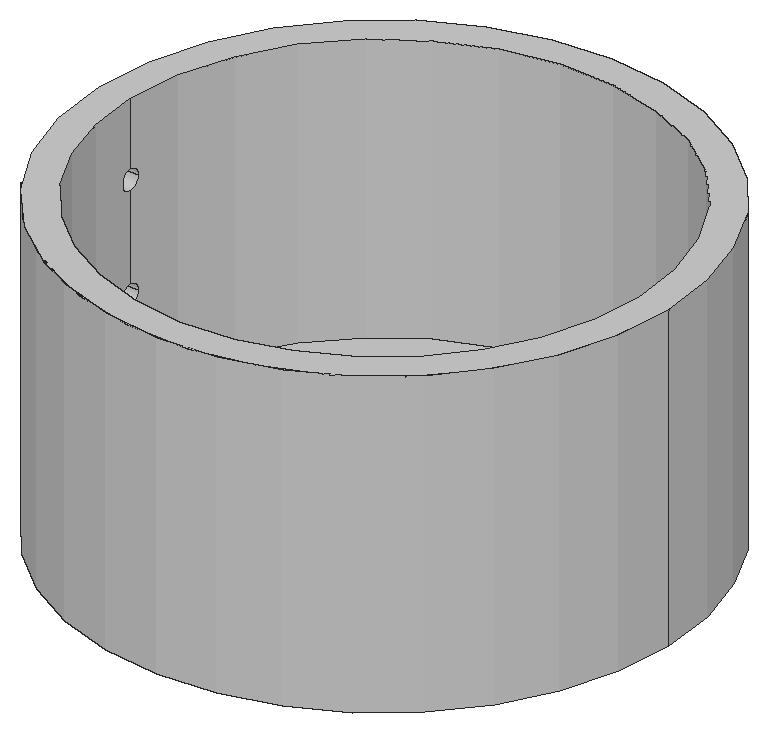
Revit family "KOD 15.9", category Фундамент несущей конструкции, Revit 2025
Family settings
  Материал для поведения модели = Прочее
  Заглушка = Нет
  Номер OmniClass = 23.25.05.00
  Заголовок OmniClass = Foundations
  На основе рабочей плоскости = Нет
  Всегда вертикально = Да
  При загрузке вырезать с полостями = Нет
  Общий = Нет
  Показывать семейство разрезанным на планах = Да
Parameters
  Петля = Петля_П1_П2 : П2
Reference planes
  plane 1 "По центру (Вперед/Назад)": y = -35
  plane 2: z = 0
  plane 3 "По центру (Влево/Вправо)": x = 0
  plane 4: z = 890
  plane 5: x = -840
  plane 6: x = -750
  plane 7: x = 750
  plane 8: x = 840
  plane 9: z = 150
  plane 10: x = -830
  plane 11: x = 830
  plane 12: z = 370
  plane 13: z = 675
Forms (mm)
  Extrusion 1, solid, material "Бетон В15"
    sketch origin (0, 0, 0) x (1, 0, 0) y (0, 1, 0)
      loop
        circle (0, -35) r 840
      loop
        circle (0, -35) r 750
    from 0 to 890
  Extrusion 2, solid, material "Бетон В15"
    sketch origin (0, 0, 0) x (1, 0, 0) y (0, 1, 0)
      loop
        circle (0, -35) r 750
    from 0 to 100
  Extrusion 3, void
    sketch origin (0, 0, 0) x (0, 1, 0) y (0, 0, 1)
      loop
        circle (-35, 370) r 30
    from -830 to 830
  Extrusion 4, void
    sketch origin (0, 0, 305) x (0, 1, 0) y (0, 0, 1)
      loop
        circle (-35, 370) r 30
    from -830 to 830
Cuts and joins
  Extrusion 3, Extrusion 4 cuts Extrusion 1
  Extrusion 4 cuts Extrusion 2
  joined: Extrusion 1, Extrusion 2
Dimensions and locks
  plane 4 to level = 890 mm
  plane 12 to level = 370 mm
  plane 13 to plane 12 = 305 mm
  aligned and locked: plane 2 to level
